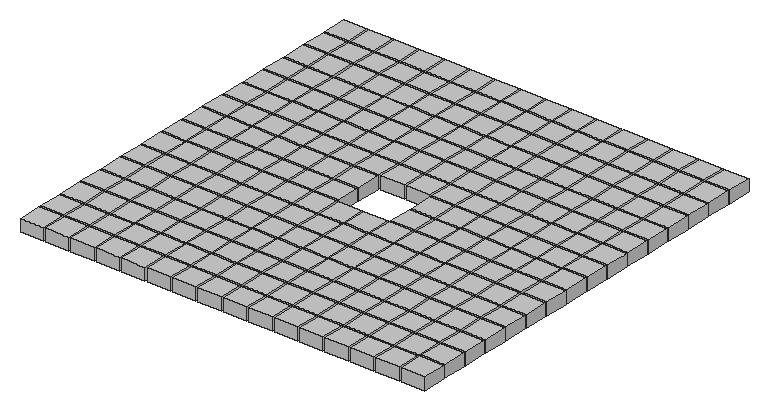
Revit family "Alcorque Ecológico", category Furniture, Revit 2020 (continued)
Reference planes (m)
  plane 8555: x = 4.69
  plane 8556: x = 4.94
  plane 8557: x = 5.065
  plane 8558: x = 5.19
  plane 8559: y = 0.25
  plane 8560: y = 0.125
  plane 8561: y = 0
  plane 8562: y = -0.25
  plane 8563: y = -0.375
  plane 8564: y = -0.5
  plane 8565: x = 4.065
  plane 8566: x = 4.19
  plane 8567: x = 4.315
  plane 8568: x = 4.565
  plane 8569: x = 4.69
  plane 8570: x = 4.815
  plane 8571: y = 0.125
  plane 8572: y = 0
  plane 8573: y = -0.125
  plane 8574: y = -0.375
  plane 8575: y = -0.5
  plane 8576: y = -0.625
  plane 8577: x = 4.19
  plane 8578: x = 4.315
  plane 8579: x = 4.44
  plane 8580: x = 4.69
  plane 8581: x = 4.815
  plane 8582: x = 4.94
  plane 8583: y = 0.125
  plane 8584: y = 0
  plane 8585: y = -0.125
  plane 8586: y = -0.375
  plane 8587: y = -0.5
  plane 8588: y = -0.625
  plane 8589: x = 4.315
  plane 8590: x = 4.44
  plane 8591: x = 4.565
  plane 8592: x = 4.815
  plane 8593: x = 4.94
  plane 8594: x = 5.065
  plane 8595: y = 0.125
  plane 8596: y = 0
  plane 8597: y = -0.125
  plane 8598: y = -0.375
  plane 8599: y = -0.5
  plane 8600: y = -0.625
  plane 8601: x = 4.44
  plane 8602: x = 4.565
  plane 8603: x = 4.69
  plane 8604: x = 4.94
  plane 8605: x = 5.065
  plane 8606: x = 5.19
  plane 8607: y = 0.125
  plane 8608: y = 0
  plane 8609: y = -0.125
  plane 8610: y = -0.375
  plane 8611: y = -0.5
  plane 8612: y = -0.625
  plane 8613: x = 4.19
  plane 8614: x = 4.315
  plane 8615: x = 4.44
  plane 8616: x = 4.69
  plane 8617: x = 4.815
  plane 8618: x = 4.94
  plane 8619: y = 0
  plane 8620: y = -0.125
  plane 8621: y = -0.25
  plane 8622: y = -0.5
  plane 8623: y = -0.625
  plane 8624: y = -0.75
  plane 8625: x = 4.315
  plane 8626: x = 4.44
  plane 8627: x = 4.565
  plane 8628: x = 4.815
  plane 8629: x = 4.94
  plane 8630: x = 5.065
  plane 8631: y = 0
  plane 8632: y = -0.125
  plane 8633: y = -0.25
  plane 8634: y = -0.5
  plane 8635: y = -0.625
  plane 8636: y = -0.75
  plane 8637: x = 4.44
  plane 8638: x = 4.565
  plane 8639: x = 4.69
  plane 8640: x = 4.94
  plane 8641: x = 5.065
  plane 8642: x = 5.19
  plane 8643: y = 0
  plane 8644: y = -0.125
  plane 8645: y = -0.25
  plane 8646: y = -0.5
  plane 8647: y = -0.625
  plane 8648: y = -0.75
  plane 8649: x = 4.19
  plane 8650: x = 4.315
  plane 8651: x = 4.44
  plane 8652: x = 4.69
  plane 8653: x = 4.815
  plane 8654: x = 4.94
  plane 8655: y = -0.125
  plane 8656: y = -0.25
  plane 8657: y = -0.375
  plane 8658: y = -0.625
  plane 8659: y = -0.75
  plane 8660: y = -0.875
  plane 8661: x = 4.315
  plane 8662: x = 4.44
  plane 8663: x = 4.565
  plane 8664: x = 4.815
  plane 8665: x = 4.94
  plane 8666: x = 5.065
  plane 8667: y = -0.125
  plane 8668: y = -0.25
  plane 8669: y = -0.375
  plane 8670: y = -0.625
  plane 8671: y = -0.75
  plane 8672: y = -0.875
  plane 8673: x = 4.44
  plane 8674: x = 4.565
  plane 8675: x = 4.69
  plane 8676: x = 4.94
  plane 8677: x = 5.065
  plane 8678: x = 5.19
  plane 8679: y = -0.125
  plane 8680: y = -0.25
  plane 8681: y = -0.375
  plane 8682: y = -0.625
  plane 8683: y = -0.75
  plane 8684: y = -0.875
  plane 8685: x = 4.065
  plane 8686: x = 4.19
  plane 8687: x = 4.315
  plane 8688: x = 4.565
  plane 8689: x = 4.69
  plane 8690: x = 4.815
  plane 8691: y = -0.25
  plane 8692: y = -0.375
  plane 8693: y = -0.5
  plane 8694: y = -0.75
  plane 8695: y = -0.875
  plane 8696: y = -1
  plane 8697: x = 4.19
  plane 8698: x = 4.315
  plane 8699: x = 4.44
  plane 8700: x = 4.69
  plane 8701: x = 4.815
  plane 8702: x = 4.94
  plane 8703: y = -0.25
  plane 8704: y = -0.375
  plane 8705: y = -0.5
  plane 8706: y = -0.75
  plane 8707: y = -0.875
  plane 8708: y = -1
  plane 8709: x = 4.315
  plane 8710: x = 4.44
  plane 8711: x = 4.565
  plane 8712: x = 4.815
  plane 8713: x = 4.94
  plane 8714: x = 5.065
  plane 8715: y = -0.25
  plane 8716: y = -0.375
  plane 8717: y = -0.5
  plane 8718: y = -0.75
  plane 8719: y = -0.875
  plane 8720: y = -1
  plane 8721: x = 4.44
  plane 8722: x = 4.565
  plane 8723: x = 4.69
  plane 8724: x = 4.94
  plane 8725: x = 5.065
  plane 8726: x = 5.19
  plane 8727: y = -0.25
  plane 8728: y = -0.375
  plane 8729: y = -0.5
  plane 8730: y = -0.75
  plane 8731: y = -0.875
  plane 8732: y = -1
  plane 8733: x = 4.065
  plane 8734: x = 4.19
  plane 8735: x = 4.315
  plane 8736: x = 4.565
  plane 8737: x = 4.69
  plane 8738: x = 4.815
  plane 8739: y = -0.375
  plane 8740: y = -0.5
  plane 8741: y = -0.625
  plane 8742: y = -0.875
  plane 8743: y = -1
  plane 8744: y = -1.125
  plane 8745: x = 4.19
  plane 8746: x = 4.315
  plane 8747: x = 4.44
  plane 8748: x = 4.69
  plane 8749: x = 4.815
  plane 8750: x = 4.94
  plane 8751: y = -0.375
  plane 8752: y = -0.5
  plane 8753: y = -0.625
  plane 8754: y = -0.875
  plane 8755: y = -1
  plane 8756: y = -1.125
  plane 8757: x = 4.315
  plane 8758: x = 4.44
  plane 8759: x = 4.565
  plane 8760: x = 4.815
  plane 8761: x = 4.94
  plane 8762: x = 5.065
  plane 8763: y = -0.375
  plane 8764: y = -0.5
  plane 8765: y = -0.625
  plane 8766: y = -0.875
  plane 8767: y = -1
  plane 8768: y = -1.125
  plane 8769: x = 4.44
  plane 8770: x = 4.565
  plane 8771: x = 4.69
  plane 8772: x = 4.94
  plane 8773: x = 5.065
  plane 8774: x = 5.19
  plane 8775: y = -0.375
  plane 8776: y = -0.5
  plane 8777: y = -0.625
  plane 8778: y = -0.875
  plane 8779: y = -1
  plane 8780: y = -1.125
  plane 8781: x = 4.19
  plane 8782: x = 4.315
  plane 8783: x = 4.44
  plane 8784: x = 4.69
  plane 8785: x = 4.815
  plane 8786: x = 4.94
  plane 8787: y = -0.5
  plane 8788: y = -0.625
  plane 8789: y = -0.75
  plane 8790: y = -1
  plane 8791: y = -1.125
  plane 8792: y = -1.25
  plane 8793: x = 4.315
  plane 8794: x = 4.44
  plane 8795: x = 4.565
  plane 8796: x = 4.815
  plane 8797: x = 4.94
  plane 8798: x = 5.065
  plane 8799: y = -0.5
  plane 8800: y = -0.625
  plane 8801: y = -0.75
  plane 8802: y = -1
  plane 8803: y = -1.125
  plane 8804: y = -1.25
  plane 8805: x = 4.44
  plane 8806: x = 4.565
  plane 8807: x = 4.69
  plane 8808: x = 4.94
  plane 8809: x = 5.065
  plane 8810: x = 5.19
  plane 8811: y = -0.5
  plane 8812: y = -0.625
  plane 8813: y = -0.75
  plane 8814: y = -1
  plane 8815: y = -1.125
  plane 8816: y = -1.25
  plane 8817: x = 3.44
  plane 8818: x = 3.565
  plane 8819: x = 3.69
  plane 8820: x = 3.94
  plane 8821: x = 4.065
  plane 8822: x = 4.19
  plane 8823: y = 0
  plane 8824: y = -0.125
  plane 8825: y = -0.25
  plane 8826: y = -0.5
  plane 8827: y = -0.625
  plane 8828: y = -0.75
  plane 8829: x = 3.565
  plane 8830: x = 3.69
  plane 8831: x = 3.815
  plane 8832: x = 4.065
  plane 8833: x = 4.19
  plane 8834: x = 4.315
  plane 8835: y = 0
  plane 8836: y = -0.125
  plane 8837: y = -0.25
  plane 8838: y = -0.5
  plane 8839: y = -0.625
  plane 8840: y = -0.75
  plane 8841: x = 3.44
  plane 8842: x = 3.565
  plane 8843: x = 3.69
  plane 8844: x = 3.94
  plane 8845: x = 4.065
  plane 8846: x = 4.19
  plane 8847: y = -0.125
  plane 8848: y = -0.25
  plane 8849: y = -0.375
  plane 8850: y = -0.625
  plane 8851: y = -0.75
  plane 8852: y = -0.875
  plane 8853: x = 3.565
  plane 8854: x = 3.69
  plane 8855: x = 3.815
  plane 8856: x = 4.065
  plane 8857: x = 4.19
  plane 8858: x = 4.315
  plane 8859: y = -0.125
  plane 8860: y = -0.25
  plane 8861: y = -0.375
  plane 8862: y = -0.625
  plane 8863: y = -0.75
  plane 8864: y = -0.875
  plane 8865: x = 4.065
  plane 8866: x = 4.19
  plane 8867: x = 4.315
  plane 8868: x = 4.565
  plane 8869: x = 4.69
  plane 8870: x = 4.815
  plane 8871: y = 0
  plane 8872: y = -0.125
  plane 8873: y = -0.25
  plane 8874: y = -0.5
  plane 8875: y = -0.625
  plane 8876: y = -0.75
  plane 8877: x = 4.065
  plane 8878: x = 4.19
  plane 8879: x = 4.315
  plane 8880: x = 4.565
  plane 8881: x = 4.69
  plane 8882: x = 4.815
  plane 8883: y = -0.125
  plane 8884: y = -0.25
  plane 8885: y = -0.375
  plane 8886: y = -0.625
  plane 8887: y = -0.75
  plane 8888: y = -0.875
  plane 8889: x = 3.065
  plane 8890: x = 3.19
  plane 8891: x = 3.315
  plane 8892: x = 3.565
  plane 8893: x = 3.69
  plane 8894: x = 3.815
  plane 8895: y = -0.625
  plane 8896: y = -0.75
  plane 8897: y = -0.875
  plane 8898: y = -1.125
  plane 8899: y = -1.25
  plane 8900: y = -1.375
  plane 8901: x = 3.19
  plane 8902: x = 3.315
  plane 8903: x = 3.44
  plane 8904: x = 3.69
  plane 8905: x = 3.815
  plane 8906: x = 3.94
  plane 8907: y = -0.625
  plane 8908: y = -0.75
  plane 8909: y = -0.875
  plane 8910: y = -1.125
  plane 8911: y = -1.25
  plane 8912: y = -1.375
  plane 8913: x = 3.315
  plane 8914: x = 3.44
  plane 8915: x = 3.565
  plane 8916: x = 3.815
  plane 8917: x = 3.94
  plane 8918: x = 4.065
  plane 8919: y = -0.625
  plane 8920: y = -0.75
  plane 8921: y = -0.875
  plane 8922: y = -1.125
  plane 8923: y = -1.25
  plane 8924: y = -1.375
  plane 8925: x = 3.69
  plane 8926: x = 3.815
  plane 8927: x = 3.94
  plane 8928: x = 4.19
  plane 8929: x = 4.315
  plane 8930: x = 4.44
  plane 8931: y = -0.625
  plane 8932: y = -0.75
  plane 8933: y = -0.875
  plane 8934: y = -1.125
  plane 8935: y = -1.25
  plane 8936: y = -1.375
  plane 8937: x = 3.815
  plane 8938: x = 3.94
  plane 8939: x = 4.065
  plane 8940: x = 4.315
  plane 8941: x = 4.44
  plane 8942: x = 4.565
  plane 8943: y = -0.625
  plane 8944: y = -0.75
  plane 8945: y = -0.875
  plane 8946: y = -1.125
  plane 8947: y = -1.25
  plane 8948: y = -1.375
  plane 8949: x = 3.065
  plane 8950: x = 3.19
  plane 8951: x = 3.315
  plane 8952: x = 3.565
  plane 8953: x = 3.69
  plane 8954: x = 3.815
  plane 8955: y = -0.75
  plane 8956: y = -0.875
  plane 8957: y = -1
  plane 8958: y = -1.25
  plane 8959: y = -1.375
  plane 8960: y = -1.5
  plane 8961: x = 3.19
  plane 8962: x = 3.315
  plane 8963: x = 3.44
  plane 8964: x = 3.69
  plane 8965: x = 3.815
  plane 8966: x = 3.94
  plane 8967: y = -0.75
  plane 8968: y = -0.875
  plane 8969: y = -1
  plane 8970: y = -1.25
  plane 8971: y = -1.375
  plane 8972: y = -1.5
  plane 8973: x = 3.315
  plane 8974: x = 3.44
  plane 8975: x = 3.565
  plane 8976: x = 3.815
  plane 8977: x = 3.94
  plane 8978: x = 4.065
  plane 8979: y = -0.75
  plane 8980: y = -0.875
  plane 8981: y = -1
  plane 8982: y = -1.25
  plane 8983: y = -1.375
  plane 8984: y = -1.5
  plane 8985: x = 3.44
  plane 8986: x = 3.565
  plane 8987: x = 3.69
  plane 8988: x = 3.94
  plane 8989: x = 4.065
  plane 8990: x = 4.19
  plane 8991: y = -0.75
  plane 8992: y = -0.875
  plane 8993: y = -1
  plane 8994: y = -1.25
  plane 8995: y = -1.375
  plane 8996: y = -1.5
  plane 8997: x = 3.565
  plane 8998: x = 3.69
  plane 8999: x = 3.815
  plane 9000: x = 4.065
  plane 9001: x = 4.19
  plane 9002: x = 4.315
  plane 9003: y = -0.75
  plane 9004: y = -0.875
  plane 9005: y = -1
  plane 9006: y = -1.25
  plane 9007: y = -1.375
  plane 9008: y = -1.5
  plane 9009: x = 3.69
  plane 9010: x = 3.815
  plane 9011: x = 3.94
  plane 9012: x = 4.19
  plane 9013: x = 4.315
  plane 9014: x = 4.44
  plane 9015: y = -0.75
  plane 9016: y = -0.875
  plane 9017: y = -1
  plane 9018: y = -1.25
  plane 9019: y = -1.375
  plane 9020: y = -1.5
  plane 9021: x = 3.815
  plane 9022: x = 3.94
  plane 9023: x = 4.065
  plane 9024: x = 4.315
  plane 9025: x = 4.44
  plane 9026: x = 4.565
  plane 9027: y = -0.75
  plane 9028: y = -0.875
  plane 9029: y = -1
  plane 9030: y = -1.25
  plane 9031: y = -1.375
  plane 9032: y = -1.5
  plane 9033: x = 3.94
  plane 9034: x = 4.065
  plane 9035: x = 4.19
  plane 9036: x = 4.44
  plane 9037: x = 4.565
  plane 9038: x = 4.69
  plane 9039: y = -0.75
  plane 9040: y = -0.875
  plane 9041: y = -1
  plane 9042: y = -1.25
  plane 9043: y = -1.375
  plane 9044: y = -1.5
  plane 9045: x = 3.065
  plane 9046: x = 3.19
  plane 9047: x = 3.315
  plane 9048: x = 3.565
  plane 9049: x = 3.69
  plane 9050: x = 3.815
  plane 9051: y = -0.875
  plane 9052: y = -1
  plane 9053: y = -1.125
  plane 9054: y = -1.375
  plane 9055: y = -1.5
  plane 9056: y = -1.625
  plane 9057: x = 3.19
  plane 9058: x = 3.315
  plane 9059: x = 3.44
  plane 9060: x = 3.69
  plane 9061: x = 3.815
  plane 9062: x = 3.94
  plane 9063: y = -0.875
  plane 9064: y = -1
  plane 9065: y = -1.125
  plane 9066: y = -1.375
  plane 9067: y = -1.5
  plane 9068: y = -1.625
  plane 9069: x = 3.315
  plane 9070: x = 3.44
  plane 9071: x = 3.565
  plane 9072: x = 3.815
  plane 9073: x = 3.94
  plane 9074: x = 4.065
  plane 9075: y = -0.875
  plane 9076: y = -1
  plane 9077: y = -1.125
  plane 9078: y = -1.375
  plane 9079: y = -1.5
  plane 9080: y = -1.625
  plane 9081: x = 3.44
  plane 9082: x = 3.565
  plane 9083: x = 3.69
  plane 9084: x = 3.94
  plane 9085: x = 4.065
  plane 9086: x = 4.19
  plane 9087: y = -0.875
  plane 9088: y = -1
  plane 9089: y = -1.125
  plane 9090: y = -1.375
  plane 9091: y = -1.5
  plane 9092: y = -1.625
  plane 9093: x = 3.565
  plane 9094: x = 3.69
  plane 9095: x = 3.815
  plane 9096: x = 4.065
  plane 9097: x = 4.19
  plane 9098: x = 4.315
  plane 9099: y = -0.875
  plane 9100: y = -1
  plane 9101: y = -1.125
  plane 9102: y = -1.375
  plane 9103: y = -1.5
  plane 9104: y = -1.625
  plane 9105: x = 3.69
  plane 9106: x = 3.815
  plane 9107: x = 3.94
  plane 9108: x = 4.19
  plane 9109: x = 4.315
  plane 9110: x = 4.44
  plane 9111: y = -0.875
  plane 9112: y = -1
  plane 9113: y = -1.125
  plane 9114: y = -1.375
  plane 9115: y = -1.5
  plane 9116: y = -1.625
  plane 9117: x = 3.815
  plane 9118: x = 3.94
  plane 9119: x = 4.065
  plane 9120: x = 4.315
  plane 9121: x = 4.44
  plane 9122: x = 4.565
  plane 9123: y = -0.875
  plane 9124: y = -1
  plane 9125: y = -1.125
  plane 9126: y = -1.375
  plane 9127: y = -1.5
  plane 9128: y = -1.625
  plane 9129: x = 3.94
  plane 9130: x = 4.065
  plane 9131: x = 4.19
  plane 9132: x = 4.44
  plane 9133: x = 4.565
  plane 9134: x = 4.69
  plane 9135: y = -0.875
  plane 9136: y = -1
  plane 9137: y = -1.125
  plane 9138: y = -1.375
  plane 9139: y = -1.5
  plane 9140: y = -1.625
  plane 9141: x = 3.065
  plane 9142: x = 3.19
  plane 9143: x = 3.315
  plane 9144: x = 3.565
  plane 9145: x = 3.69
  plane 9146: x = 3.815
  plane 9147: y = -1
  plane 9148: y = -1.125
  plane 9149: y = -1.25
  plane 9150: y = -1.5
  plane 9151: y = -1.625
  plane 9152: y = -1.75
  plane 9153: x = 3.19
  plane 9154: x = 3.315
  plane 9155: x = 3.44
  plane 9156: x = 3.69
  plane 9157: x = 3.815
  plane 9158: x = 3.94
  plane 9159: y = -1
  plane 9160: y = -1.125
  plane 9161: y = -1.25
  plane 9162: y = -1.5
  plane 9163: y = -1.625
  plane 9164: y = -1.75
  plane 9165: x = 3.315
  plane 9166: x = 3.44
  plane 9167: x = 3.565
  plane 9168: x = 3.815
  plane 9169: x = 3.94
  plane 9170: x = 4.065
  plane 9171: y = -1
  plane 9172: y = -1.125
  plane 9173: y = -1.25
  plane 9174: y = -1.5
  plane 9175: y = -1.625
  plane 9176: y = -1.75
  plane 9177: x = 3.44
  plane 9178: x = 3.565
  plane 9179: x = 3.69
  plane 9180: x = 3.94
  plane 9181: x = 4.065
  plane 9182: x = 4.19
  plane 9183: y = -1
  plane 9184: y = -1.125
  plane 9185: y = -1.25
  plane 9186: y = -1.5
  plane 9187: y = -1.625
  plane 9188: y = -1.75
  plane 9189: x = 3.565
  plane 9190: x = 3.69
  plane 9191: x = 3.815
  plane 9192: x = 4.065
  plane 9193: x = 4.19
  plane 9194: x = 4.315
  plane 9195: y = -1
  plane 9196: y = -1.125
  plane 9197: y = -1.25
  plane 9198: y = -1.5
  plane 9199: y = -1.625
  plane 9200: y = -1.75
  plane 9201: x = 3.69
  plane 9202: x = 3.815
  plane 9203: x = 3.94
  plane 9204: x = 4.19
  plane 9205: x = 4.315
  plane 9206: x = 4.44
  plane 9207: y = -1
  plane 9208: y = -1.125
  plane 9209: y = -1.25
  plane 9210: y = -1.5
  plane 9211: y = -1.625
  plane 9212: y = -1.75
  plane 9213: x = 3.815
  plane 9214: x = 3.94
  plane 9215: x = 4.065
  plane 9216: x = 4.315
  plane 9217: x = 4.44
  plane 9218: x = 4.565
  plane 9219: y = -1
  plane 9220: y = -1.125
  plane 9221: y = -1.25
  plane 9222: y = -1.5
  plane 9223: y = -1.625
  plane 9224: y = -1.75
  plane 9225: x = 3.94
  plane 9226: x = 4.065
  plane 9227: x = 4.19
  plane 9228: x = 4.44
  plane 9229: x = 4.565
  plane 9230: x = 4.69
  plane 9231: y = -1
  plane 9232: y = -1.125
  plane 9233: y = -1.25
  plane 9234: y = -1.5
  plane 9235: y = -1.625
  plane 9236: y = -1.75
  plane 9237: x = 4.19
  plane 9238: x = 4.315
  plane 9239: x = 4.44
  plane 9240: x = 4.69
  plane 9241: x = 4.815
  plane 9242: x = 4.94
  plane 9243: y = -0.625
  plane 9244: y = -0.75
  plane 9245: y = -0.875
  plane 9246: y = -1.125
  plane 9247: y = -1.25
  plane 9248: y = -1.375
  plane 9249: x = 4.315
  plane 9250: x = 4.44
  plane 9251: x = 4.565
  plane 9252: x = 4.815
  plane 9253: x = 4.94
  plane 9254: x = 5.065
  plane 9255: y = -0.625
  plane 9256: y = -0.75
  plane 9257: y = -0.875
  plane 9258: y = -1.125
  plane 9259: y = -1.25
  plane 9260: y = -1.375
  plane 9261: x = 4.44
  plane 9262: x = 4.565
  plane 9263: x = 4.69
  plane 9264: x = 4.94
  plane 9265: x = 5.065
  plane 9266: x = 5.19
  plane 9267: y = -0.625
  plane 9268: y = -0.75
  plane 9269: y = -0.875
  plane 9270: y = -1.125
  plane 9271: y = -1.25
  plane 9272: y = -1.375
  plane 9273: x = 4.065
  plane 9274: x = 4.19
  plane 9275: x = 4.315
  plane 9276: x = 4.565
  plane 9277: x = 4.69
  plane 9278: x = 4.815
  plane 9279: y = -0.75
  plane 9280: y = -0.875
  plane 9281: y = -1
  plane 9282: y = -1.25
  plane 9283: y = -1.375
  plane 9284: y = -1.5
  plane 9285: x = 4.19
  plane 9286: x = 4.315
  plane 9287: x = 4.44
  plane 9288: x = 4.69
  plane 9289: x = 4.815
  plane 9290: x = 4.94
  plane 9291: y = -0.75
  plane 9292: y = -0.875
  plane 9293: y = -1
  plane 9294: y = -1.25
  plane 9295: y = -1.375
  plane 9296: y = -1.5
  plane 9297: x = 4.315
  plane 9298: x = 4.44
  plane 9299: x = 4.565
  plane 9300: x = 4.815
  plane 9301: x = 4.94
  plane 9302: x = 5.065
  plane 9303: y = -0.75
  plane 9304: y = -0.875
  plane 9305: y = -1
  plane 9306: y = -1.25
  plane 9307: y = -1.375
  plane 9308: y = -1.5
  plane 9309: x = 4.44
  plane 9310: x = 4.565
  plane 9311: x = 4.69
  plane 9312: x = 4.94
  plane 9313: x = 5.065
  plane 9314: x = 5.19
  plane 9315: y = -0.75
  plane 9316: y = -0.875
  plane 9317: y = -1
  plane 9318: y = -1.25
  plane 9319: y = -1.375
  plane 9320: y = -1.5
  plane 9321: x = 4.065
  plane 9322: x = 4.19
  plane 9323: x = 4.315
  plane 9324: x = 4.565
  plane 9325: x = 4.69
  plane 9326: x = 4.815
  plane 9327: y = -0.875
  plane 9328: y = -1
  plane 9329: y = -1.125
  plane 9330: y = -1.375
  plane 9331: y = -1.5
  plane 9332: y = -1.625
  plane 9333: x = 4.19
  plane 9334: x = 4.315
  plane 9335: x = 4.44
  plane 9336: x = 4.69
  plane 9337: x = 4.815
  plane 9338: x = 4.94
  plane 9339: y = -0.875
  plane 9340: y = -1
  plane 9341: y = -1.125
  plane 9342: y = -1.375
  plane 9343: y = -1.5
  plane 9344: y = -1.625
  plane 9345: x = 4.315
  plane 9346: x = 4.44
  plane 9347: x = 4.565
  plane 9348: x = 4.815
  plane 9349: x = 4.94
  plane 9350: x = 5.065
  plane 9351: y = -0.875
  plane 9352: y = -1
  plane 9353: y = -1.125
  plane 9354: y = -1.375
  plane 9355: y = -1.5
  plane 9356: y = -1.625
  plane 9357: x = 4.44
  plane 9358: x = 4.565
  plane 9359: x = 4.69
  plane 9360: x = 4.94
  plane 9361: x = 5.065
  plane 9362: x = 5.19
  plane 9363: y = -0.875
  plane 9364: y = -1
  plane 9365: y = -1.125
  plane 9366: y = -1.375
  plane 9367: y = -1.5
  plane 9368: y = -1.625
  plane 9369: x = 4.065
  plane 9370: x = 4.19
  plane 9371: x = 4.315
  plane 9372: x = 4.565
  plane 9373: x = 4.69
  plane 9374: x = 4.815
  plane 9375: y = -1
  plane 9376: y = -1.125
  plane 9377: y = -1.25
  plane 9378: y = -1.5
  plane 9379: y = -1.625
  plane 9380: y = -1.75
  plane 9381: x = 4.19
  plane 9382: x = 4.315
  plane 9383: x = 4.44
  plane 9384: x = 4.69
  plane 9385: x = 4.815
  plane 9386: x = 4.94
  plane 9387: y = -1
  plane 9388: y = -1.125
  plane 9389: y = -1.25
  plane 9390: y = -1.5
  plane 9391: y = -1.625
  plane 9392: y = -1.75
  plane 9393: x = 4.315
  plane 9394: x = 4.44
  plane 9395: x = 4.565
  plane 9396: x = 4.815
  plane 9397: x = 4.94
  plane 9398: x = 5.065
  plane 9399: y = -1
  plane 9400: y = -1.125
  plane 9401: y = -1.25
  plane 9402: y = -1.5
  plane 9403: y = -1.625
  plane 9404: y = -1.75
  plane 9405: x = 4.44
  plane 9406: x = 4.565
  plane 9407: x = 4.69
  plane 9408: x = 4.94
  plane 9409: x = 5.065
  plane 9410: x = 5.19
  plane 9411: y = -1
  plane 9412: y = -1.125
  plane 9413: y = -1.25
  plane 9414: y = -1.5
  plane 9415: y = -1.625
  plane 9416: y = -1.75
  plane 9417: x = 3.44
  plane 9418: x = 3.565
  plane 9419: x = 3.69
  plane 9420: x = 3.94
  plane 9421: x = 4.065
  plane 9422: x = 4.19
  plane 9423: y = -0.625
  plane 9424: y = -0.75
  plane 9425: y = -0.875
  plane 9426: y = -1.125
  plane 9427: y = -1.25
  plane 9428: y = -1.375
  plane 9429: x = 3.565
  plane 9430: x = 3.69
  plane 9431: x = 3.815
  plane 9432: x = 4.065
  plane 9433: x = 4.19
  plane 9434: x = 4.315
  plane 9435: y = -0.625
  plane 9436: y = -0.75
  plane 9437: y = -0.875
  plane 9438: y = -1.125
  plane 9439: y = -1.25
  plane 9440: y = -1.375
  plane 9441: x = 4.565
  plane 9442: x = 4.69
  plane 9443: x = 4.815
  plane 9444: x = 5.065
  plane 9445: x = 5.19
  plane 9446: x = 5.315
  plane 9447: y = 0.375
  plane 9448: y = 0.25
  plane 9449: y = 0.125
  plane 9450: y = -0.125
  plane 9451: y = -0.25
  plane 9452: y = -0.375
  plane 9453: x = 4.69
  plane 9454: x = 4.815
  plane 9455: x = 4.94
  plane 9456: x = 5.19
  plane 9457: x = 5.315
  plane 9458: x = 5.44
  plane 9459: y = 0.375
  plane 9460: y = 0.25
  plane 9461: y = 0.125
  plane 9462: y = -0.125
  plane 9463: y = -0.25
  plane 9464: y = -0.375
  plane 9465: x = 4.815
  plane 9466: x = 4.94
  plane 9467: x = 5.065
  plane 9468: x = 5.315
  plane 9469: x = 5.44
  plane 9470: x = 5.565
  plane 9471: y = 0.375
  plane 9472: y = 0.25
  plane 9473: y = 0.125
  plane 9474: y = -0.125
  plane 9475: y = -0.25
  plane 9476: y = -0.375
  plane 9477: x = 4.94
  plane 9478: x = 5.065
  plane 9479: x = 5.19
  plane 9480: x = 5.44
  plane 9481: x = 5.565
  plane 9482: x = 5.69
  plane 9483: y = 0.375
  plane 9484: y = 0.25
  plane 9485: y = 0.125
  plane 9486: y = -0.125
  plane 9487: y = -0.25
  plane 9488: y = -0.375
  plane 9489: x = 4.565
  plane 9490: x = 4.69
  plane 9491: x = 4.815
  plane 9492: x = 5.065
  plane 9493: x = 5.19
  plane 9494: x = 5.315
  plane 9495: y = 0.25
  plane 9496: y = 0.125
  plane 9497: y = 0
  plane 9498: y = -0.25
  plane 9499: y = -0.375
  plane 9500: y = -0.5
  plane 9501: x = 4.69
  plane 9502: x = 4.815
  plane 9503: x = 4.94
  plane 9504: x = 5.19
  plane 9505: x = 5.315
  plane 9506: x = 5.44
  plane 9507: y = 0.25
  plane 9508: y = 0.125
  plane 9509: y = 0
  plane 9510: y = -0.25
  plane 9511: y = -0.375
  plane 9512: y = -0.5
  plane 9513: x = 4.815
  plane 9514: x = 4.94
  plane 9515: x = 5.065
  plane 9516: x = 5.315
  plane 9517: x = 5.44
  plane 9518: x = 5.565
  plane 9519: y = 0.25
  plane 9520: y = 0.125
  plane 9521: y = 0
  plane 9522: y = -0.25
  plane 9523: y = -0.375
  plane 9524: y = -0.5
  plane 9525: x = 4.94
  plane 9526: x = 5.065
  plane 9527: x = 5.19
  plane 9528: x = 5.44
  plane 9529: x = 5.565
  plane 9530: x = 5.69
  plane 9531: y = 0.25
  plane 9532: y = 0.125
  plane 9533: y = 0
  plane 9534: y = -0.25
  plane 9535: y = -0.375
  plane 9536: y = -0.5
  plane 9537: x = 4.565
  plane 9538: x = 4.69
  plane 9539: x = 4.815
  plane 9540: x = 5.065
  plane 9541: x = 5.19
  plane 9542: x = 5.315
  plane 9543: y = 0.125
  plane 9544: y = 0
  plane 9545: y = -0.125
  plane 9546: y = -0.375
  plane 9547: y = -0.5
  plane 9548: y = -0.625
  plane 9549: x = 4.69
  plane 9550: x = 4.815
  plane 9551: x = 4.94
  plane 9552: x = 5.19
  plane 9553: x = 5.315
  plane 9554: x = 5.44
  plane 9555: y = 0.125
  plane 9556: y = 0
  plane 9557: y = -0.125
  plane 9558: y = -0.375
  plane 9559: y = -0.5
  plane 9560: y = -0.625
  plane 9561: x = 4.815
  plane 9562: x = 4.94
  plane 9563: x = 5.065
  plane 9564: x = 5.315
  plane 9565: x = 5.44
  plane 9566: x = 5.565
  plane 9567: y = 0.125
  plane 9568: y = 0
  plane 9569: y = -0.125
  plane 9570: y = -0.375
  plane 9571: y = -0.5
  plane 9572: y = -0.625
  plane 9573: x = 4.94
  plane 9574: x = 5.065
  plane 9575: x = 5.19
  plane 9576: x = 5.44
  plane 9577: x = 5.565
  plane 9578: x = 5.69
  plane 9579: y = 0.125
  plane 9580: y = 0
  plane 9581: y = -0.125
  plane 9582: y = -0.375
  plane 9583: y = -0.5
  plane 9584: y = -0.625
  plane 9585: x = 4.69
  plane 9586: x = 4.815
  plane 9587: x = 4.94
  plane 9588: x = 5.19
  plane 9589: x = 5.315
  plane 9590: x = 5.44
  plane 9591: y = 0
  plane 9592: y = -0.125
  plane 9593: y = -0.25
  plane 9594: y = -0.5
  plane 9595: y = -0.625
  plane 9596: y = -0.75
  plane 9597: x = 4.815
  plane 9598: x = 4.94
  plane 9599: x = 5.065
  plane 9600: x = 5.315
  plane 9601: x = 5.44
  plane 9602: x = 5.565
  plane 9603: y = 0
  plane 9604: y = -0.125
  plane 9605: y = -0.25
  plane 9606: y = -0.5
  plane 9607: y = -0.625
  plane 9608: y = -0.75
  plane 9609: x = 4.94
  plane 9610: x = 5.065
  plane 9611: x = 5.19
  plane 9612: x = 5.44
  plane 9613: x = 5.565
  plane 9614: x = 5.69
  plane 9615: y = 0
  plane 9616: y = -0.125
  plane 9617: y = -0.25
  plane 9618: y = -0.5
  plane 9619: y = -0.625
  plane 9620: y = -0.75
  plane 9621: x = 4.69
  plane 9622: x = 4.815
  plane 9623: x = 4.94
  plane 9624: x = 5.19
  plane 9625: x = 5.315
  plane 9626: x = 5.44
  plane 9627: y = -0.125
  plane 9628: y = -0.25
  plane 9629: y = -0.375
  plane 9630: y = -0.625
  plane 9631: y = -0.75
  plane 9632: y = -0.875
  plane 9633: x = 4.815
  plane 9634: x = 4.94
  plane 9635: x = 5.065
  plane 9636: x = 5.315
  plane 9637: x = 5.44
  plane 9638: x = 5.565
  plane 9639: y = -0.125
  plane 9640: y = -0.25
  plane 9641: y = -0.375
  plane 9642: y = -0.625
  plane 9643: y = -0.75
  plane 9644: y = -0.875
  plane 9645: x = 4.94
  plane 9646: x = 5.065
  plane 9647: x = 5.19
  plane 9648: x = 5.44
  plane 9649: x = 5.565
  plane 9650: x = 5.69
  plane 9651: y = -0.125
  plane 9652: y = -0.25
  plane 9653: y = -0.375
  plane 9654: y = -0.625
  plane 9655: y = -0.75
  plane 9656: y = -0.875
  plane 9657: x = 4.565
  plane 9658: x = 4.69
  plane 9659: x = 4.815
  plane 9660: x = 5.065
  plane 9661: x = 5.19
  plane 9662: x = 5.315
  plane 9663: y = -0.25
  plane 9664: y = -0.375
  plane 9665: y = -0.5
  plane 9666: y = -0.75
  plane 9667: y = -0.875
  plane 9668: y = -1
  plane 9669: x = 4.69
  plane 9670: x = 4.815
  plane 9671: x = 4.94
  plane 9672: x = 5.19
  plane 9673: x = 5.315
  plane 9674: x = 5.44
  plane 9675: y = -0.25
  plane 9676: y = -0.375
  plane 9677: y = -0.5
  plane 9678: y = -0.75
  plane 9679: y = -0.875
  plane 9680: y = -1
  plane 9681: x = 4.815
  plane 9682: x = 4.94
  plane 9683: x = 5.065
  plane 9684: x = 5.315
  plane 9685: x = 5.44
  plane 9686: x = 5.565
  plane 9687: y = -0.25
  plane 9688: y = -0.375
  plane 9689: y = -0.5
  plane 9690: y = -0.75
  plane 9691: y = -0.875
  plane 9692: y = -1
  plane 9693: x = 4.94
  plane 9694: x = 5.065
  plane 9695: x = 5.19
  plane 9696: x = 5.44
  plane 9697: x = 5.565
  plane 9698: x = 5.69
  plane 9699: y = -0.25
  plane 9700: y = -0.375
  plane 9701: y = -0.5
  plane 9702: y = -0.75
  plane 9703: y = -0.875
  plane 9704: y = -1
  plane 9705: x = 4.565
  plane 9706: x = 4.69
  plane 9707: x = 4.815
  plane 9708: x = 5.065
  plane 9709: x = 5.19
  plane 9710: x = 5.315
  plane 9711: y = -0.375
  plane 9712: y = -0.5
  plane 9713: y = -0.625
  plane 9714: y = -0.875
  plane 9715: y = -1
  plane 9716: y = -1.125
  plane 9717: x = 4.69
  plane 9718: x = 4.815
  plane 9719: x = 4.94
  plane 9720: x = 5.19
  plane 9721: x = 5.315
  plane 9722: x = 5.44
  plane 9723: y = -0.375
  plane 9724: y = -0.5
  plane 9725: y = -0.625
  plane 9726: y = -0.875
  plane 9727: y = -1
  plane 9728: y = -1.125
  plane 9729: x = 4.815
  plane 9730: x = 4.94
  plane 9731: x = 5.065
  plane 9732: x = 5.315
  plane 9733: x = 5.44
  plane 9734: x = 5.565
  plane 9735: y = -0.375
  plane 9736: y = -0.5
  plane 9737: y = -0.625
  plane 9738: y = -0.875
  plane 9739: y = -1
  plane 9740: y = -1.125
  plane 9741: x = 4.94
  plane 9742: x = 5.065
  plane 9743: x = 5.19
  plane 9744: x = 5.44
  plane 9745: x = 5.565
  plane 9746: x = 5.69
  plane 9747: y = -0.375
  plane 9748: y = -0.5
  plane 9749: y = -0.625
  plane 9750: y = -0.875
  plane 9751: y = -1
  plane 9752: y = -1.125
  plane 9753: x = 4.565
  plane 9754: x = 4.69
  plane 9755: x = 4.815
  plane 9756: x = 5.065
  plane 9757: x = 5.19
  plane 9758: x = 5.315
  plane 9759: y = -0.5
  plane 9760: y = -0.625
  plane 9761: y = -0.75
  plane 9762: y = -1
  plane 9763: y = -1.125
  plane 9764: y = -1.25
  plane 9765: x = 4.69
  plane 9766: x = 4.815
  plane 9767: x = 4.94
  plane 9768: x = 5.19
  plane 9769: x = 5.315
  plane 9770: x = 5.44
  plane 9771: y = -0.5
  plane 9772: y = -0.625
  plane 9773: y = -0.75
  plane 9774: y = -1
  plane 9775: y = -1.125
  plane 9776: y = -1.25
  plane 9777: x = 4.815
  plane 9778: x = 4.94
  plane 9779: x = 5.065
  plane 9780: x = 5.315
  plane 9781: x = 5.44
  plane 9782: x = 5.565
  plane 9783: y = -0.5
  plane 9784: y = -0.625
  plane 9785: y = -0.75
  plane 9786: y = -1
  plane 9787: y = -1.125
  plane 9788: y = -1.25
  plane 9789: x = 4.94
  plane 9790: x = 5.065
  plane 9791: x = 5.19
  plane 9792: x = 5.44
  plane 9793: x = 5.565
  plane 9794: x = 5.69
  plane 9795: y = -0.5
  plane 9796: y = -0.625
  plane 9797: y = -0.75
  plane 9798: y = -1
  plane 9799: y = -1.125
  plane 9800: y = -1.25
  plane 9801: x = 4.565
  plane 9802: x = 4.69
  plane 9803: x = 4.815
  plane 9804: x = 5.065
  plane 9805: x = 5.19
  plane 9806: x = 5.315
  plane 9807: y = 0
  plane 9808: y = -0.125
  plane 9809: y = -0.25
  plane 9810: y = -0.5
  plane 9811: y = -0.625
  plane 9812: y = -0.75
  plane 9813: x = 4.565
  plane 9814: x = 4.69
  plane 9815: x = 4.815
  plane 9816: x = 5.065
  plane 9817: x = 5.19
  plane 9818: x = 5.315
  plane 9819: y = -0.125
  plane 9820: y = -0.25
  plane 9821: y = -0.375
  plane 9822: y = -0.625
  plane 9823: y = -0.75
  plane 9824: y = -0.875
  plane 9825: x = 4.69
  plane 9826: x = 4.815
  plane 9827: x = 4.94
  plane 9828: x = 5.19
  plane 9829: x = 5.315
  plane 9830: x = 5.44
  plane 9831: y = -0.625
  plane 9832: y = -0.75
  plane 9833: y = -0.875
  plane 9834: y = -1.125
  plane 9835: y = -1.25
  plane 9836: y = -1.375
  plane 9837: x = 4.815
  plane 9838: x = 4.94
  plane 9839: x = 5.065
  plane 9840: x = 5.315
  plane 9841: x = 5.44
  plane 9842: x = 5.565
  plane 9843: y = -0.625
  plane 9844: y = -0.75
  plane 9845: y = -0.875
  plane 9846: y = -1.125
  plane 9847: y = -1.25
  plane 9848: y = -1.375
  plane 9849: x = 4.94
  plane 9850: x = 5.065
  plane 9851: x = 5.19
  plane 9852: x = 5.44
  plane 9853: x = 5.565
  plane 9854: x = 5.69
  plane 9855: y = -0.625
  plane 9856: y = -0.75
  plane 9857: y = -0.875
  plane 9858: y = -1.125
  plane 9859: y = -1.25
  plane 9860: y = -1.375
  plane 9861: x = 4.565
  plane 9862: x = 4.69
  plane 9863: x = 4.815
  plane 9864: x = 5.065
  plane 9865: x = 5.19
  plane 9866: x = 5.315
  plane 9867: y = -0.75
  plane 9868: y = -0.875
  plane 9869: y = -1
  plane 9870: y = -1.25
  plane 9871: y = -1.375
  plane 9872: y = -1.5
  plane 9873: x = 4.69
  plane 9874: x = 4.815
  plane 9875: x = 4.94
  plane 9876: x = 5.19
  plane 9877: x = 5.315
  plane 9878: x = 5.44
  plane 9879: y = -0.75
  plane 9880: y = -0.875
  plane 9881: y = -1
  plane 9882: y = -1.25
  plane 9883: y = -1.375
  plane 9884: y = -1.5
  plane 9885: x = 4.815
  plane 9886: x = 4.94
  plane 9887: x = 5.065
  plane 9888: x = 5.315
  plane 9889: x = 5.44
  plane 9890: x = 5.565
  plane 9891: y = -0.75
  plane 9892: y = -0.875
  plane 9893: y = -1
  plane 9894: y = -1.25
  plane 9895: y = -1.375
  plane 9896: y = -1.5
  plane 9897: x = 4.94
  plane 9898: x = 5.065
  plane 9899: x = 5.19
  plane 9900: x = 5.44
  plane 9901: x = 5.565
  plane 9902: x = 5.69
  plane 9903: y = -0.75
  plane 9904: y = -0.875
  plane 9905: y = -1
  plane 9906: y = -1.25
  plane 9907: y = -1.375
  plane 9908: y = -1.5
  plane 9909: x = 4.565
  plane 9910: x = 4.69
  plane 9911: x = 4.815
  plane 9912: x = 5.065
  plane 9913: x = 5.19
  plane 9914: x = 5.315
  plane 9915: y = -0.875
  plane 9916: y = -1
  plane 9917: y = -1.125
  plane 9918: y = -1.375
  plane 9919: y = -1.5
  plane 9920: y = -1.625
  plane 9921: x = 4.69
  plane 9922: x = 4.815
  plane 9923: x = 4.94
  plane 9924: x = 5.19
  plane 9925: x = 5.315
  plane 9926: x = 5.44
  plane 9927: y = -0.875
  plane 9928: y = -1
  plane 9929: y = -1.125
  plane 9930: y = -1.375
  plane 9931: y = -1.5
  plane 9932: y = -1.625
  plane 9933: x = 4.815
  plane 9934: x = 4.94
  plane 9935: x = 5.065
  plane 9936: x = 5.315
  plane 9937: x = 5.44
  plane 9938: x = 5.565
  plane 9939: y = -0.875
  plane 9940: y = -1
  plane 9941: y = -1.125
  plane 9942: y = -1.375
  plane 9943: y = -1.5
  plane 9944: y = -1.625
  plane 9945: x = 4.94
  plane 9946: x = 5.065
  plane 9947: x = 5.19
  plane 9948: x = 5.44
  plane 9949: x = 5.565
  plane 9950: x = 5.69
  plane 9951: y = -0.875
  plane 9952: y = -1
  plane 9953: y = -1.125
  plane 9954: y = -1.375
  plane 9955: y = -1.5
  plane 9956: y = -1.625
  plane 9957: x = 4.565
  plane 9958: x = 4.69
  plane 9959: x = 4.815
  plane 9960: x = 5.065
  plane 9961: x = 5.19
  plane 9962: x = 5.315
  plane 9963: y = -1
  plane 9964: y = -1.125
  plane 9965: y = -1.25
  plane 9966: y = -1.5
  plane 9967: y = -1.625
  plane 9968: y = -1.75
  plane 9969: x = 4.69
  plane 9970: x = 4.815
  plane 9971: x = 4.94
  plane 9972: x = 5.19
  plane 9973: x = 5.315
  plane 9974: x = 5.44
  plane 9975: y = -1
  plane 9976: y = -1.125
  plane 9977: y = -1.25
  plane 9978: y = -1.5
  plane 9979: y = -1.625
  plane 9980: y = -1.75
  plane 9981: x = 4.815
  plane 9982: x = 4.94
  plane 9983: x = 5.065
  plane 9984: x = 5.315
  plane 9985: x = 5.44
  plane 9986: x = 5.565
  plane 9987: y = -1
  plane 9988: y = -1.125
  plane 9989: y = -1.25
  plane 9990: y = -1.5
  plane 9991: y = -1.625
  plane 9992: y = -1.75
  plane 9993: x = 4.94
  plane 9994: x = 5.065
  plane 9995: x = 5.19
  plane 9996: x = 5.44
  plane 9997: x = 5.565
  plane 9998: x = 5.69
  plane 9999: y = -1
  plane 10000: y = -1.125
  plane 10001: y = -1.25
  plane 10002: y = -1.5
  plane 10003: y = -1.625
  plane 10004: y = -1.75
  plane 10005: x = 4.565
  plane 10006: x = 4.69
  plane 10007: x = 4.815
  plane 10008: x = 5.065
  plane 10009: x = 5.19
  plane 10010: x = 5.315
  plane 10011: y = -0.625
  plane 10012: y = -0.75
  plane 10013: y = -0.875
  plane 10014: y = -1.125
  plane 10015: y = -1.25
  plane 10016: y = -1.375
  plane 10017: x = 3.065
  plane 10018: x = 3.19
  plane 10019: x = 3.315
  plane 10020: x = 3.565
  plane 10021: x = 3.69
  plane 10022: x = 3.815
  plane 10023: y = -1.125
  plane 10024: y = -1.25
  plane 10025: y = -1.375
  plane 10026: y = -1.625
  plane 10027: y = -1.75
  plane 10028: y = -1.875
  plane 10029: x = 3.19
  plane 10030: x = 3.315
  plane 10031: x = 3.44
  plane 10032: x = 3.69
  plane 10033: x = 3.815
  plane 10034: x = 3.94
  plane 10035: y = -1.125
  plane 10036: y = -1.25
  plane 10037: y = -1.375
  plane 10038: y = -1.625
  plane 10039: y = -1.75
  plane 10040: y = -1.875
  plane 10041: x = 3.315
  plane 10042: x = 3.44
  plane 10043: x = 3.565
  plane 10044: x = 3.815
  plane 10045: x = 3.94
  plane 10046: x = 4.065
  plane 10047: y = -1.125
  plane 10048: y = -1.25
  plane 10049: y = -1.375
  plane 10050: y = -1.625
  plane 10051: y = -1.75
  plane 10052: y = -1.875
  plane 10053: x = 3.69
  plane 10054: x = 3.815
  plane 10055: x = 3.94
  plane 10056: x = 4.19
  plane 10057: x = 4.315
  plane 10058: x = 4.44
  plane 10059: y = -1.125
  plane 10060: y = -1.25
  plane 10061: y = -1.375
  plane 10062: y = -1.625
  plane 10063: y = -1.75
  plane 10064: y = -1.875
  plane 10065: x = 3.815
  plane 10066: x = 3.94
  plane 10067: x = 4.065
  plane 10068: x = 4.315
  plane 10069: x = 4.44
  plane 10070: x = 4.565
  plane 10071: y = -1.125
  plane 10072: y = -1.25
  plane 10073: y = -1.375
  plane 10074: y = -1.625
  plane 10075: y = -1.75
  plane 10076: y = -1.875
  plane 10077: x = 3.94
  plane 10078: x = 4.065
  plane 10079: x = 4.19
  plane 10080: x = 4.44
  plane 10081: x = 4.565
  plane 10082: x = 4.69
  plane 10083: y = -1.125
  plane 10084: y = -1.25
  plane 10085: y = -1.375
  plane 10086: y = -1.625
  plane 10087: y = -1.75
  plane 10088: y = -1.875
  plane 10089: x = 3.065
  plane 10090: x = 3.19
  plane 10091: x = 3.315
  plane 10092: x = 3.565
  plane 10093: x = 3.69
  plane 10094: x = 3.815
  plane 10095: y = -1.25
  plane 10096: y = -1.375
  plane 10097: y = -1.5
  plane 10098: y = -1.75
  plane 10099: y = -1.875
  plane 10100: y = -2
  plane 10101: x = 3.19
  plane 10102: x = 3.315
  plane 10103: x = 3.44
  plane 10104: x = 3.69
  plane 10105: x = 3.815
  plane 10106: x = 3.94
  plane 10107: y = -1.25
  plane 10108: y = -1.375
  plane 10109: y = -1.5
  plane 10110: y = -1.75
  plane 10111: y = -1.875
  plane 10112: y = -2
  plane 10113: x = 3.315
  plane 10114: x = 3.44
  plane 10115: x = 3.565
  plane 10116: x = 3.815
  plane 10117: x = 3.94
  plane 10118: x = 4.065
  plane 10119: y = -1.25
  plane 10120: y = -1.375
  plane 10121: y = -1.5
  plane 10122: y = -1.75
  plane 10123: y = -1.875
  plane 10124: y = -2
  plane 10125: x = 3.44
  plane 10126: x = 3.565
  plane 10127: x = 3.69
  plane 10128: x = 3.94
  plane 10129: x = 4.065
  plane 10130: x = 4.19
  plane 10131: y = -1.25
  plane 10132: y = -1.375
  plane 10133: y = -1.5
  plane 10134: y = -1.75
  plane 10135: y = -1.875
  plane 10136: y = -2
  plane 10137: x = 3.565
  plane 10138: x = 3.69
  plane 10139: x = 3.815
  plane 10140: x = 4.065
  plane 10141: x = 4.19
  plane 10142: x = 4.315
  plane 10143: y = -1.25
  plane 10144: y = -1.375
  plane 10145: y = -1.5
  plane 10146: y = -1.75
  plane 10147: y = -1.875
  plane 10148: y = -2
  plane 10149: x = 3.69
  plane 10150: x = 3.815
  plane 10151: x = 3.94
  plane 10152: x = 4.19
  plane 10153: x = 4.315
  plane 10154: x = 4.44
  plane 10155: y = -1.25
  plane 10156: y = -1.375
  plane 10157: y = -1.5
  plane 10158: y = -1.75
  plane 10159: y = -1.875
  plane 10160: y = -2
  plane 10161: x = 3.815
  plane 10162: x = 3.94
  plane 10163: x = 4.065
  plane 10164: x = 4.315
  plane 10165: x = 4.44
  plane 10166: x = 4.565
  plane 10167: y = -1.25
  plane 10168: y = -1.375
  plane 10169: y = -1.5
  plane 10170: y = -1.75
  plane 10171: y = -1.875
  plane 10172: y = -2
  plane 10173: x = 3.94
  plane 10174: x = 4.065
  plane 10175: x = 4.19
  plane 10176: x = 4.44
  plane 10177: x = 4.565
  plane 10178: x = 4.69
  plane 10179: y = -1.25
  plane 10180: y = -1.375
  plane 10181: y = -1.5
  plane 10182: y = -1.75
  plane 10183: y = -1.875
  plane 10184: y = -2
  plane 10185: x = 3.065
  plane 10186: x = 3.19
  plane 10187: x = 3.315
  plane 10188: x = 3.565
  plane 10189: x = 3.69
  plane 10190: x = 3.815
  plane 10191: y = -1.375
  plane 10192: y = -1.5
  plane 10193: y = -1.625
  plane 10194: y = -1.875
  plane 10195: y = -2
  plane 10196: y = -2.125
  plane 10197: x = 3.19
  plane 10198: x = 3.315
  plane 10199: x = 3.44
  plane 10200: x = 3.69
  plane 10201: x = 3.815
  plane 10202: x = 3.94
  plane 10203: y = -1.375
  plane 10204: y = -1.5
  plane 10205: y = -1.625
  plane 10206: y = -1.875
  plane 10207: y = -2
  plane 10208: y = -2.125
  plane 10209: x = 3.315
  plane 10210: x = 3.44
  plane 10211: x = 3.565
  plane 10212: x = 3.815
  plane 10213: x = 3.94
  plane 10214: x = 4.065
  plane 10215: y = -1.375
  plane 10216: y = -1.5
  plane 10217: y = -1.625
  plane 10218: y = -1.875
  plane 10219: y = -2
  plane 10220: y = -2.125
  plane 10221: x = 3.44
  plane 10222: x = 3.565
  plane 10223: x = 3.69
  plane 10224: x = 3.94
  plane 10225: x = 4.065
  plane 10226: x = 4.19
  plane 10227: y = -1.375
  plane 10228: y = -1.5
  plane 10229: y = -1.625
  plane 10230: y = -1.875
  plane 10231: y = -2
  plane 10232: y = -2.125
  plane 10233: x = 3.565
  plane 10234: x = 3.69
  plane 10235: x = 3.815
  plane 10236: x = 4.065
  plane 10237: x = 4.19
  plane 10238: x = 4.315
  plane 10239: y = -1.375
  plane 10240: y = -1.5
  plane 10241: y = -1.625
  plane 10242: y = -1.875
  plane 10243: y = -2
  plane 10244: y = -2.125
  plane 10245: x = 3.69
  plane 10246: x = 3.815
  plane 10247: x = 3.94
  plane 10248: x = 4.19
  plane 10249: x = 4.315
  plane 10250: x = 4.44
  plane 10251: y = -1.375
  plane 10252: y = -1.5
  plane 10253: y = -1.625
  plane 10254: y = -1.875
  plane 10255: y = -2
  plane 10256: y = -2.125
  plane 10257: x = 3.815
  plane 10258: x = 3.94
  plane 10259: x = 4.065
  plane 10260: x = 4.315
  plane 10261: x = 4.44
  plane 10262: x = 4.565
  plane 10263: y = -1.375
  plane 10264: y = -1.5
  plane 10265: y = -1.625
  plane 10266: y = -1.875
  plane 10267: y = -2
  plane 10268: y = -2.125
  plane 10269: x = 3.94
  plane 10270: x = 4.065
  plane 10271: x = 4.19
  plane 10272: x = 4.44
  plane 10273: x = 4.565
  plane 10274: x = 4.69
  plane 10275: y = -1.375
  plane 10276: y = -1.5
  plane 10277: y = -1.625
  plane 10278: y = -1.875
  plane 10279: y = -2
  plane 10280: y = -2.125
  plane 10281: x = 3.065
  plane 10282: x = 3.19
  plane 10283: x = 3.315
  plane 10284: x = 3.565
  plane 10285: x = 3.69
  plane 10286: x = 3.815
  plane 10287: y = -1.5
  plane 10288: y = -1.625
  plane 10289: y = -1.75
  plane 10290: y = -2
  plane 10291: y = -2.125
  plane 10292: y = -2.25
  plane 10293: x = 3.19
  plane 10294: x = 3.315
  plane 10295: x = 3.44
  plane 10296: x = 3.69
  plane 10297: x = 3.815
  plane 10298: x = 3.94
  plane 10299: y = -1.5
  plane 10300: y = -1.625
  plane 10301: y = -1.75
  plane 10302: y = -2
  plane 10303: y = -2.125
  plane 10304: y = -2.25
  plane 10305: x = 3.315
  plane 10306: x = 3.44
  plane 10307: x = 3.565
  plane 10308: x = 3.815
  plane 10309: x = 3.94
  plane 10310: x = 4.065
  plane 10311: y = -1.5
  plane 10312: y = -1.625
  plane 10313: y = -1.75
  plane 10314: y = -2
  plane 10315: y = -2.125
  plane 10316: y = -2.25
  plane 10317: x = 3.44
  plane 10318: x = 3.565
  plane 10319: x = 3.69
  plane 10320: x = 3.94
  plane 10321: x = 4.065
  plane 10322: x = 4.19
  plane 10323: y = -1.5
  plane 10324: y = -1.625
  plane 10325: y = -1.75
  plane 10326: y = -2
  plane 10327: y = -2.125
  plane 10328: y = -2.25
  plane 10329: x = 3.565
  plane 10330: x = 3.69
  plane 10331: x = 3.815
  plane 10332: x = 4.065
  plane 10333: x = 4.19
  plane 10334: x = 4.315
  plane 10335: y = -1.5
  plane 10336: y = -1.625
  plane 10337: y = -1.75
  plane 10338: y = -2
  plane 10339: y = -2.125
  plane 10340: y = -2.25
  plane 10341: x = 3.69
  plane 10342: x = 3.815
  plane 10343: x = 3.94
  plane 10344: x = 4.19
  plane 10345: x = 4.315
  plane 10346: x = 4.44
  plane 10347: y = -1.5
  plane 10348: y = -1.625
  plane 10349: y = -1.75
  plane 10350: y = -2
  plane 10351: y = -2.125
  plane 10352: y = -2.25
  plane 10353: x = 3.815
  plane 10354: x = 3.94
  plane 10355: x = 4.065
  plane 10356: x = 4.315
  plane 10357: x = 4.44
  plane 10358: x = 4.565
  plane 10359: y = -1.5
  plane 10360: y = -1.625
  plane 10361: y = -1.75
  plane 10362: y = -2
  plane 10363: y = -2.125
  plane 10364: y = -2.25
  plane 10365: x = 3.94
  plane 10366: x = 4.065
  plane 10367: x = 4.19
  plane 10368: x = 4.44
  plane 10369: x = 4.565
  plane 10370: x = 4.69
  plane 10371: y = -1.5
  plane 10372: y = -1.625
  plane 10373: y = -1.75
  plane 10374: y = -2
  plane 10375: y = -2.125
  plane 10376: y = -2.25
  plane 10377: x = 4.19
  plane 10378: x = 4.315
  plane 10379: x = 4.44
  plane 10380: x = 4.69
  plane 10381: x = 4.815
  plane 10382: x = 4.94
  plane 10383: y = -1.125
  plane 10384: y = -1.25
  plane 10385: y = -1.375
  plane 10386: y = -1.625
  plane 10387: y = -1.75
  plane 10388: y = -1.875
  plane 10389: x = 4.315
  plane 10390: x = 4.44
  plane 10391: x = 4.565
  plane 10392: x = 4.815
  plane 10393: x = 4.94
  plane 10394: x = 5.065
  plane 10395: y = -1.125
  plane 10396: y = -1.25
  plane 10397: y = -1.375
  plane 10398: y = -1.625
  plane 10399: y = -1.75
  plane 10400: y = -1.875
  plane 10401: x = 4.44
  plane 10402: x = 4.565
  plane 10403: x = 4.69
  plane 10404: x = 4.94
  plane 10405: x = 5.065
  plane 10406: x = 5.19
  plane 10407: y = -1.125
  plane 10408: y = -1.25
  plane 10409: y = -1.375
  plane 10410: y = -1.625
  plane 10411: y = -1.75
  plane 10412: y = -1.875
  plane 10413: x = 4.065
  plane 10414: x = 4.19
  plane 10415: x = 4.315
  plane 10416: x = 4.565
  plane 10417: x = 4.69
  plane 10418: x = 4.815
  plane 10419: y = -1.25
  plane 10420: y = -1.375
  plane 10421: y = -1.5
  plane 10422: y = -1.75
  plane 10423: y = -1.875
  plane 10424: y = -2
  plane 10425: x = 4.19
  plane 10426: x = 4.315
  plane 10427: x = 4.44
  plane 10428: x = 4.69
  plane 10429: x = 4.815
  plane 10430: x = 4.94
  plane 10431: y = -1.25
  plane 10432: y = -1.375
  plane 10433: y = -1.5
  plane 10434: y = -1.75
  plane 10435: y = -1.875
  plane 10436: y = -2
  plane 10437: x = 4.315
  plane 10438: x = 4.44
  plane 10439: x = 4.565
  plane 10440: x = 4.815
  plane 10441: x = 4.94
  plane 10442: x = 5.065
  plane 10443: y = -1.25
  plane 10444: y = -1.375
  plane 10445: y = -1.5
  plane 10446: y = -1.75
  plane 10447: y = -1.875
  plane 10448: y = -2
  plane 10449: x = 4.44
  plane 10450: x = 4.565
  plane 10451: x = 4.69
  plane 10452: x = 4.94
  plane 10453: x = 5.065
  plane 10454: x = 5.19
  plane 10455: y = -1.25
  plane 10456: y = -1.375
  plane 10457: y = -1.5
  plane 10458: y = -1.75
  plane 10459: y = -1.875
  plane 10460: y = -2
  plane 10461: x = 4.065
  plane 10462: x = 4.19
  plane 10463: x = 4.315
  plane 10464: x = 4.565
  plane 10465: x = 4.69
  plane 10466: x = 4.815
  plane 10467: y = -1.375
  plane 10468: y = -1.5
  plane 10469: y = -1.625
  plane 10470: y = -1.875
  plane 10471: y = -2
  plane 10472: y = -2.125
  plane 10473: x = 4.19
  plane 10474: x = 4.315
  plane 10475: x = 4.44
  plane 10476: x = 4.69
  plane 10477: x = 4.815
  plane 10478: x = 4.94
  plane 10479: y = -1.375
  plane 10480: y = -1.5
  plane 10481: y = -1.625
  plane 10482: y = -1.875
  plane 10483: y = -2
  plane 10484: y = -2.125
  plane 10485: x = 4.315
  plane 10486: x = 4.44
  plane 10487: x = 4.565
  plane 10488: x = 4.815
  plane 10489: x = 4.94
  plane 10490: x = 5.065
  plane 10491: y = -1.375
  plane 10492: y = -1.5
  plane 10493: y = -1.625
  plane 10494: y = -1.875
  plane 10495: y = -2
  plane 10496: y = -2.125
  plane 10497: x = 4.44
  plane 10498: x = 4.565
  plane 10499: x = 4.69
  plane 10500: x = 4.94
  plane 10501: x = 5.065
  plane 10502: x = 5.19
  plane 10503: y = -1.375
  plane 10504: y = -1.5
  plane 10505: y = -1.625
  plane 10506: y = -1.875
  plane 10507: y = -2
  plane 10508: y = -2.125
  plane 10509: x = 4.065
  plane 10510: x = 4.19
  plane 10511: x = 4.315
  plane 10512: x = 4.565
  plane 10513: x = 4.69
  plane 10514: x = 4.815
  plane 10515: y = -1.5
  plane 10516: y = -1.625
  plane 10517: y = -1.75
  plane 10518: y = -2
  plane 10519: y = -2.125
  plane 10520: y = -2.25
  plane 10521: x = 4.19
  plane 10522: x = 4.315
  plane 10523: x = 4.44
  plane 10524: x = 4.69
  plane 10525: x = 4.815
  plane 10526: x = 4.94
  plane 10527: y = -1.5
  plane 10528: y = -1.625
  plane 10529: y = -1.75
  plane 10530: y = -2
  plane 10531: y = -2.125
  plane 10532: y = -2.25
  plane 10533: x = 4.315
  plane 10534: x = 4.44
  plane 10535: x = 4.565
  plane 10536: x = 4.815
  plane 10537: x = 4.94
  plane 10538: x = 5.065
  plane 10539: y = -1.5
  plane 10540: y = -1.625
  plane 10541: y = -1.75
  plane 10542: y = -2
  plane 10543: y = -2.125
  plane 10544: y = -2.25
  plane 10545: x = 4.44
  plane 10546: x = 4.565
  plane 10547: x = 4.69
  plane 10548: x = 4.94
  plane 10549: x = 5.065
  plane 10550: x = 5.19
  plane 10551: y = -1.5
  plane 10552: y = -1.625
  plane 10553: y = -1.75
  plane 10554: y = -2
  plane 10555: y = -2.125
  plane 10556: y = -2.25
  plane 10557: x = 3.44
  plane 10558: x = 3.565
  plane 10559: x = 3.69
  plane 10560: x = 3.94
  plane 10561: x = 4.065
  plane 10562: x = 4.19
  plane 10563: y = -1.125
  plane 10564: y = -1.25
  plane 10565: y = -1.375
  plane 10566: y = -1.625
  plane 10567: y = -1.75
  plane 10568: y = -1.875
  plane 10569: x = 3.565
  plane 10570: x = 3.69
  plane 10571: x = 3.815
  plane 10572: x = 4.065
  plane 10573: x = 4.19
  plane 10574: x = 4.315
  plane 10575: y = -1.125
  plane 10576: y = -1.25
  plane 10577: y = -1.375
  plane 10578: y = -1.625
  plane 10579: y = -1.75
  plane 10580: y = -1.875
  plane 10581: x = 4.065
  plane 10582: x = 4.19
  plane 10583: x = 4.315
  plane 10584: x = 4.565
  plane 10585: x = 4.69
  plane 10586: x = 4.815
  plane 10587: y = -1.125
  plane 10588: y = -1.25
  plane 10589: y = -1.375
  plane 10590: y = -1.625
  plane 10591: y = -1.75
  plane 10592: y = -1.875
  plane 10593: x = 4.69
  plane 10594: x = 4.815
  plane 10595: x = 4.94
  plane 10596: x = 5.19
  plane 10597: x = 5.315
  plane 10598: x = 5.44
  plane 10599: y = -1.125
  plane 10600: y = -1.25
  plane 10601: y = -1.375
  plane 10602: y = -1.625
  plane 10603: y = -1.75
  plane 10604: y = -1.875
  plane 10605: x = 4.815
  plane 10606: x = 4.94
  plane 10607: x = 5.065
  plane 10608: x = 5.315
  plane 10609: x = 5.44
  plane 10610: x = 5.565
  plane 10611: y = -1.125
  plane 10612: y = -1.25
  plane 10613: y = -1.375
  plane 10614: y = -1.625
  plane 10615: y = -1.75
  plane 10616: y = -1.875
  plane 10617: x = 4.94
  plane 10618: x = 5.065
  plane 10619: x = 5.19
  plane 10620: x = 5.44
  plane 10621: x = 5.565
  plane 10622: x = 5.69
  plane 10623: y = -1.125
  plane 10624: y = -1.25
  plane 10625: y = -1.375
  plane 10626: y = -1.625
  plane 10627: y = -1.75
  plane 10628: y = -1.875
  plane 10629: x = 4.565
  plane 10630: x = 4.69
  plane 10631: x = 4.815
  plane 10632: x = 5.065
  plane 10633: x = 5.19
  plane 10634: x = 5.315
  plane 10635: y = -1.25
  plane 10636: y = -1.375
  plane 10637: y = -1.5
  plane 10638: y = -1.75
  plane 10639: y = -1.875
  plane 10640: y = -2
  plane 10641: x = 4.69
  plane 10642: x = 4.815
  plane 10643: x = 4.94
  plane 10644: x = 5.19
  plane 10645: x = 5.315
  plane 10646: x = 5.44
  plane 10647: y = -1.25
  plane 10648: y = -1.375
  plane 10649: y = -1.5
  plane 10650: y = -1.75
  plane 10651: y = -1.875
  plane 10652: y = -2
  plane 10653: x = 4.815
  plane 10654: x = 4.94
  plane 10655: x = 5.065
  plane 10656: x = 5.315
  plane 10657: x = 5.44
  plane 10658: x = 5.565
  plane 10659: y = -1.25
  plane 10660: y = -1.375
  plane 10661: y = -1.5
  plane 10662: y = -1.75
  plane 10663: y = -1.875
  plane 10664: y = -2
  plane 10665: x = 4.94
  plane 10666: x = 5.065
  plane 10667: x = 5.19
  plane 10668: x = 5.44
  plane 10669: x = 5.565
  plane 10670: x = 5.69
  plane 10671: y = -1.25
  plane 10672: y = -1.375
